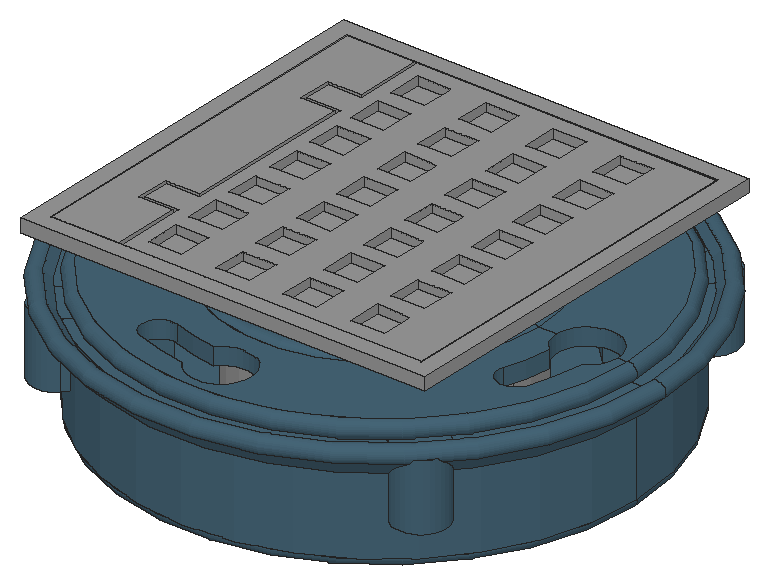
Revit family "Drain_Floor_Round-Zurn-Z415SH", category Plumbing Fixtures, Revit 2022
Family settings
  Round Connector Dimension = Use Radius
  Part Type = Normal
  OmniClass Number = 23.70.50.21.24.14
  OmniClass Title = Deck Waste Water Drains
  Work Plane-Based = No
  Always vertical = Yes
  Cut with Voids When Loaded = No
  Maintain Annotation Orientation = No
  Shared = No
  Room Calculation Point = No
Parameters (values of type "Load Family Type Catalog")
  z_radius_B [instance] = 3.500"
  z_Radius Gird [instance] = 3.20079"
  z_Distance = 2.440"
  Waste Connection = 1 = 1  # yes
  WFU = 0  # constant formula
  Vent Connection = 1 = 0  # no
  URL = "www.zurn.com"
  Type Comments = "ZN415SH 2 Inch IP Threaded Outlet"
  Strainer Top Size 8"x8" Sq. = no
  Strainer Top Size 6"x6" Sq. = yes
  Strainer Position (K') - Input [instance] = 0.000"
  Strainer Position (K') [instance] = if([Strainer Position (K') - Input] < Min. Strainer Position, Min. Strainer Position, if([Strainer Position (K') - Input] > Max. Strainer Position, Max. Strainer Position, [Strainer Position (K') - Input]))  # 1.000"
  Strainer Open Area = if([Strainer (BxB)] = 6.000", 12.000 in², if([Strainer (BxB)] = 8.000", 21.000 in², if(and([Strainer (BxB)] = 8.000", [Pipe Size 'A' (Nominal Diameter)] < 5.000"), 21.000 in², if(and([Strainer (BxB)] = 8.000", [Pipe Size 'A' (Nominal Diameter)] > 5.000"), 21.000 in², 21.000 in²))))  # 12.000 in²
  Strainer Material = Bronze - Zurn - Polished Nickel
  Strainer (BxB) = 6.000"
  Product data url = "https://www.bimobject.com/en-us/zurnindustries/product/zurn-z415sh"
  Product Page URL = "https://www.zurn.com/products/drainage-interceptors/floor-drains/finish-floor-drains/z415sh"
  Product Installation Sheet URL = "https://files.zurn.com/care-cleaning-install-warranty-sheets/fd15-(1).pdf"
  Product Documentation Link = "https://files.zurn.com/spec-sheets/z415sh.pdf"
  Pipe Size 'A' (Outer Radius) = [Pipe Size 'A' (Outer Diameter)] / 2  # 1.1875"
  Pipe Size 'A' (Outer Diameter) = 2.375"
  Pipe Size 'A' (Nominal Radius) = [Pipe Size 'A' (Nominal Diameter)] / 2  # 1.000"
  Pipe Size 'A' (Nominal Diameter) = 2.000"
  Pipe Size 'A' (Inner Radius) = [Pipe Size 'A' (Inner Diameter)] / 2  # 1.0335"
  Pipe Size 'A' (Inner Diameter) = 2.067"
  Modified Date = "11/21/2025"  # constant formula
  Model = "ZN415SH"
  Min. Strainer Position [instance] = if([Strainer (BxB)] = 6.000", 1.000", if([Strainer (BxB)] = 8.000", 1.150", if(and([Strainer (BxB)] = 8.000", [Pipe Size 'A' (Nominal Diameter)] < 5.000"), 1.000", if(and([Strainer (BxB)] = 8.000", [Pipe Size 'A' (Nominal Diameter)] > 5.000"), 1.150", 1.000"))))  # 1.000"
  Max. Strainer Position [instance] = if([Strainer (BxB)] = 6.000", 2.675", if([Strainer (BxB)] = 8.000", 2.750", if(and([Strainer (BxB)] = 8.000", [Pipe Size 'A' (Nominal Diameter)] < 5.000"), 2.675", if(and([Strainer (BxB)] = 8.000", [Pipe Size 'A' (Nominal Diameter)] > 5.000"), 2.750", 2.750"))))  # 2.675"
  Material Main = Iron - Zurn - Cast - Painted - Blue
  Manufacurer Brand = "Zurn"  # constant formula
  Manufacturer = "Zurn Water, LLC"  # constant formula
  HWFU = 0  # constant formula
  HW Connection = 1 = 0  # no
  Description = "BODY ASSEMBLY W/ “TYPE SH” STRAINER"  # constant formula
  Default Elevation = 30.000"
  Date Created = "06/25/2012"  # constant formula
  CWFU = 0  # constant formula
  CW Connection = 1 = 0  # no
  Body Height (E) = 2.375"
  Assembly Code = "D2030300"
  Approx. Wt. Lbs. = if([Strainer (BxB)] = 6.000", 13.00 lbf, if([Strainer (BxB)] = 8.000", 17.00 lbf, if(and([Strainer (BxB)] = 8.000", [Pipe Size 'A' (Nominal Diameter)] < 5.000"), 17.00 lbf, if(and([Strainer (BxB)] = 8.000", [Pipe Size 'A' (Nominal Diameter)] > 5.000"), 19.00 lbf, 19.00 lbf))))  # 13.00 lbf
Reference planes (in)
  plane 1 "Center (Front/Back)": y = 0
  plane 2: z = 0
  plane 3 "Center (Left/Right)": x = 0
  plane 4: z = -1
  plane 5: z = -3.375
  plane 6: z = -2.12583
  plane 7: z = -1.4877
  plane 8: x = -1
  plane 9: x = 1
  plane 10: z = -2.8125
  plane 11: x = 2.69
  plane 12: z = -1.14827
  plane 13: z = -2.68136
  plane 14: z = -2.63
  plane 15: z = -0.5
  plane 16: x = 2
  plane 17: x = -2
  plane 18: x = 1
  plane 19: x = -1
  plane 20: y = 1
  plane 21: y = -1
  plane 22: x = 3
  plane 23: x = -3
  plane 24: y = -3
  plane 25: y = 3
  plane 26: z = -0.125
  plane 27: through (0, 0, 47.24409) normal (-0.7071, 0.7071, 0)
  plane 28: through (-0.26517, 0.26517, 47.24409) normal (-0.7071, 0.7071, 0)
  plane 29: through (0.26517, -0.26517, 47.24409) normal (-0.7071, 0.7071, 0)
  plane 30: through (0, 0, 47.24409) normal (0.7071, 0.7071, 0)
  plane 31: through (2.33063, 3.06176, 47.24409) normal (0.7071, 0.7071, 0)
  plane 32: through (-2.33063, 3.06176, 47.24409) normal (0.7071, -0.7071, 0)
  plane 33: through (2.33063, -3.06176, 47.24409) normal (-0.7071, 0.7071, 0)
  plane 34: through (-2.33063, -3.06176, 47.24409) normal (-0.7071, -0.7071, 0)
  plane 35: through (-2.33063, 3.06176, 47.24409) normal (0.7071, -0.7071, 0)
  plane 36: through (0.26517, 0.26517, 47.24409) normal (0.7071, 0.7071, 0)
  plane 37: through (-0.26517, -0.26517, 47.24409) normal (0.7071, 0.7071, 0)
Forms (in)
  Revolve 1, solid, material "Iron - Zurn - Cast - Painted - Blue" <- "Material Main", visible <- "Waste Connection", detail levels fine
    sketch origin (0, 0, 0) x (1, 0, 0) y (0, 0, 1)
      loop
        arc (-3.75, -2.6875) -> (-3.71339, -2.77589) -> (-3.625, -2.8125) r 0.125
        line (-3.625, -2.8125) -> (-1.3125, -2.8125)
        arc (-1.3125, -2.8125) -> (-1.22411, -2.84911) -> (-1.1875, -2.9375) r 0.125
        line (-1.1875, -2.9375) -> (-1.1875, -3.375) -> (-1.0335, -3.375) -> (-1.0335, -2.6875)
        arc (-1.0335, -2.6875) -> (-1.07011, -2.59911) -> (-1.1585, -2.5625) r 0.125
        line (-1.1585, -2.5625) -> (-3.425, -2.5625)
        arc (-3.425, -2.5625) -> (-3.51339, -2.52589) -> (-3.55, -2.4375) r 0.125
        line (-3.55, -2.4375) -> (-3.55, -1.14827) -> (-3.84822, -1.14827) -> (-3.96161, -1.03488)
        arc (-3.96161, -1.03488) -> (-4.13839, -1.03488) -> (-4.13839, -1.21165) r 0.125
        line (-4.13839, -1.21165) -> (-3.86235, -1.4877) -> (-3.75, -1.4877) -> (-3.75, -2.6875)
      axis (0, -1.03488) -> (0, -3.375)
    angle from 0 to 360
  Revolve 2, solid, material "Iron - Zurn - Cast - Painted - Blue" <- "Material Main", visible <- "Waste Connection", detail levels fine
    sketch origin (0, 0, 0) x (1, 0, 0) y (0, 0, 1)
      loop
        line (-3.62457, -1.14827) -> (-2.19378, -1.14827)
        arc (-2.19378, -1.14827) -> (-2.10268, -1.11177) -> (-2.06197, -1.02246) r 0.13195
        line (-2.06197, -1.02246) -> (-2.06197, -0.87327) -> (-1.91548, -0.87327) -> (-1.91548, -0.67327) -> (-2.13293, -0.67327)
        arc (-2.13293, -0.67327) -> (-2.15503, -0.68242) -> (-2.16418, -0.70452) r 0.03125
        line (-2.16418, -0.70452) -> (-2.16418, -0.77327)
        arc (-2.16418, -0.77327) -> (-2.20079, -0.86165) -> (-2.28918, -0.89827) r 0.125
        line (-2.28918, -0.89827) -> (-3.60452, -0.89827)
        arc (-3.60452, -0.89827) -> (-3.74997, -1.0124) -> (-3.62457, -1.14827) r 0.1258
      axis (0, -0.67327) -> (0, -1.14827)
    angle from 0 to 360
  Revolve 3, solid, material "Bronze - Zurn - Polished Nickel" <- "Strainer Material", detail levels fine
    sketch origin (0, 0, 0) x (1, 0, 0) y (0, 0, 1)
      loop
        line (-3, -0.1875) -> (-2.41335, -0.1875) -> (-1.91548, -0.3784) -> (-1.91548, -2.63) -> (-1.70819, -2.63) -> (-1.70819, -0.25913) -> (-2.41335, 0) -> (-3, 0) -> (-3, -0.1875)
      axis (0, 0) -> (0, -2.63)
    angle from 0 to 360
  Extrusion 4, void
    sketch origin (0, 0, 1.938) x (-1, 0, 0) y (0, 1, 0)
      loop
        arc (3.25354, 0.3962) -> (3.18071, 0.7898) -> (3.06377, 1.17263) r 3.52922
        arc (3.06377, 1.17263) -> (2.74662, 1.32954) -> (2.57269, 1.02139) r 0.2573
        arc (2.57269, 1.02139) -> (2.67505, 0.69321) -> (2.72804, 0.35354) r 2.33202
        arc (2.72804, 0.35354) -> (3.05699, -0.44064) -> (3.25354, 0.3962) r 0.45157
    from 0.80592 to 3.08627
  Extrusion 5, void
    sketch origin (0, 0, 0) x (0, 1, 0) y (1, 0, 0)
      loop
        arc (3.25354, 0.3962) -> (3.18071, 0.7898) -> (3.06377, 1.17263) r 3.52922
        arc (3.06377, 1.17263) -> (2.74662, 1.32954) -> (2.57269, 1.02139) r 0.2573
        arc (2.57269, 1.02139) -> (2.67505, 0.69321) -> (2.72804, 0.35354) r 2.33202
        arc (2.72804, 0.35354) -> (3.05699, -0.44064) -> (3.25354, 0.3962) r 0.45157
    from 0.80592 to 3.08627
  Extrusion 6, void
    sketch origin (0, 0, 0) x (1, 0, 0) y (0, -1, 0)
      loop
        arc (3.25354, 0.3962) -> (3.18071, 0.7898) -> (3.06377, 1.17263) r 3.52922
        arc (3.06377, 1.17263) -> (2.74662, 1.32954) -> (2.57269, 1.02139) r 0.2573
        arc (2.57269, 1.02139) -> (2.67505, 0.69321) -> (2.72804, 0.35354) r 2.33202
        arc (2.72804, 0.35354) -> (3.05699, -0.44064) -> (3.25354, 0.3962) r 0.45157
    from 0.80592 to 3.08627
  Extrusion 7, void
    sketch origin (0, 0, 0) x (0, -1, 0) y (-1, 0, 0)
      loop
        arc (3.25354, 0.3962) -> (3.18071, 0.7898) -> (3.06377, 1.17263) r 3.52922
        arc (3.06377, 1.17263) -> (2.74662, 1.32954) -> (2.57269, 1.02139) r 0.2573
        arc (2.57269, 1.02139) -> (2.67505, 0.69321) -> (2.72804, 0.35354) r 2.33202
        arc (2.72804, 0.35354) -> (3.05699, -0.44064) -> (3.25354, 0.3962) r 0.45157
    from 0.80592 to 3.08627
  Extrusion 8, solid, material "Bronze - Zurn - Polished Nickel" <- "Strainer Material", detail levels fine
    sketch origin (0, 0, 0) x (1, 0, 0) y (0, 1, 0)
      loop
        line (-3, 3) -> (-3, -3) -> (3, -3) -> (3, 3) -> (-3, 3)
    from 0 to -0.1875
  Extrusion 9, void
    sketch origin (0, 0, 0) x (0, 1, 0) y (1, 0, 0)
      loop
        line (2.75, -2.75) -> (2.75, 2.75) -> (-2.75, 2.75) -> (-2.75, -2.75) -> (2.75, -2.75)
    from 0 to 0.125
  Extrusion 10, solid, material "Iron - Zurn - Cast - Painted - Blue" <- "Material Main", detail levels fine
    sketch origin (0, 0, 0) x (1, 0, 0) y (0, 1, 0)
      loop
        line (2.43103, 2.96136) -> (1.5026, 2.03293) -> (2.03293, 1.5026) -> (2.96136, 2.43103)
        arc (2.96136, 2.43103) -> (2.96136, 2.96136) -> (2.43103, 2.96136) r 0.375
      loop
        arc (-2.43103, 2.96136) -> (-2.96136, 2.96136) -> (-2.96136, 2.43103) r 0.375
        line (-2.96136, 2.43103) -> (-2.03293, 1.5026) -> (-1.5026, 2.03293) -> (-2.43103, 2.96136)
      loop
        arc (2.43103, -2.96136) -> (2.96136, -2.96136) -> (2.96136, -2.43103) r 0.375
        line (2.96136, -2.43103) -> (2.03293, -1.5026) -> (1.5026, -2.03293) -> (2.43103, -2.96136)
      loop
        line (-2.43103, -2.96136) -> (-1.5026, -2.03293) -> (-2.03293, -1.5026) -> (-2.96136, -2.43103)
        arc (-2.96136, -2.43103) -> (-2.96136, -2.96136) -> (-2.43103, -2.96136) r 0.375
    from -1.14827 to -2.12583
Cuts and joins
  Extrusion 4, Extrusion 5, Extrusion 6, Extrusion 7, Extrusion 9 cuts Revolve 2
  Extrusion 4, Extrusion 9 cuts Revolve 1
  Extrusion 9 cuts Revolve 3
  Extrusion 9 cuts Extrusion 8
  joined: Revolve 3, Extrusion 8
Lines and regions (in)
  Masking region 1, detail levels fine
    outline origin (0, 0, 0) x (1, 0, 0) y (0, 1, 0)
      loop
        line (-3, 3) -> (-3, -3) -> (3, -3) -> (3, 3) -> (-3, 3)
  model lines, style "PlumbingFixtures", visible <- "Waste Connection", detail levels coarse+medium
    curve 1: line (0, 0, 0) -> (0, 0, -3.375)
  model lines, detail levels coarse+medium
    curve 2: line (-1, 0, -3.375) -> (1, 0, -3.375)
    curve 3: line (0, 1, -3.375) -> (0, -1, -3.375)
  model lines, style "GenericModel", detail levels coarse+medium
    curve 4: line (-3, 3, 0) -> (3, 3, 0)
    curve 5: line (-3, -3, 0) -> (-3, 3, 0)
    curve 6: line (3, -3, 0) -> (-3, -3, 0)
    curve 7: line (3, 3, 0) -> (3, -3, 0)
    curve 8: line (-2.75, 2.75, 0) -> (2.75, 2.75, 0)
    curve 9: line (-2.75, -2.75, 0) -> (-2.75, 2.75, 0)
    curve 10: line (2.75, -2.75, 0) -> (-2.75, -2.75, 0)
    curve 11: line (2.75, 2.75, 0) -> (2.75, -2.75, 0)
    curve 12: line (-1.96429, 2.75, 0) -> (-1.96429, -2.75, 0)
    curve 13: line (-1.17857, 2.75, 0) -> (-1.17857, -2.75, 0)
    curve 14: line (-0.39286, 2.75, 0) -> (-0.39286, -2.75, 0)
    curve 15: line (0.39286, 2.75, 0) -> (0.39286, -2.75, 0)
    curve 16: line (1.17857, 2.75, 0) -> (1.17857, -2.75, 0)
    curve 17: line (1.96429, 2.75, 0) -> (1.96429, -2.75, 0)
    curve 18: line (-2.75, 1.96429, 0) -> (2.75, 1.96429, 0)
    curve 19: line (-2.75, 1.17857, 0) -> (2.75, 1.17857, 0)
    curve 20: line (-2.75, 0.39286, 0) -> (2.75, 0.39286, 0)
    curve 21: line (-2.75, -0.39286, 0) -> (2.75, -0.39286, 0)
    curve 22: line (-2.75, -1.17857, 0) -> (2.75, -1.17857, 0)
    curve 23: line (-2.75, -1.96429, 0) -> (2.75, -1.96429, 0)
Dimensions and locks (in)
  "Body Height (E)": plane 4 to plane 5
  "Strainer Position (K')": level to plane 4
  locked: plane 4 to plane 6 at 1.12583
  locked: plane 4 to plane 7 at 0.4877
  locked: Revolve 1 sketch curve to plane 10 at 0.25
  locked: plane 4 to plane 12 at 0.14827
  locked: plane 13 to plane 10 at 0.13114
  locked: level to plane 14 at 2.63
  locked: Revolve 3 sketch curve to Revolve 3 sketch curve at 0.1875
  locked: Revolve 3 sketch curve to Revolve 3 sketch curve at 0.20729
  level to plane 15 = 0.500"
  equal spacing: plane 16, plane 3 "Center (Left/Right)", plane 17
  locked: plane 16 to plane 17 at 4
  "Pipe Size 'A' (Inner Radius)": plane 3 "Center (Left/Right)" to Revolve 1 sketch curve
  "Pipe Size 'A' (Outer Radius)": plane 3 "Center (Left/Right)" to Revolve 1 sketch curve
  "Pipe Size 'A' (Nominal Radius)": plane 21 to plane 1 "Center (Front/Back)" to plane 20
  "Pipe Size 'A' (Nominal Radius)": plane 19 to plane 3 "Center (Left/Right)" to plane 18
  Revolve 2 sketch curve to Revolve 2 sketch curve = 0.24871"
  locked: Revolve 2 sketch curve to Revolve 2 sketch curve at 0.475
  locked: Revolve 2 sketch curve to Revolve 2 sketch curve at 0.2
  Revolve 2 sketch curve to plane 4 to Revolve 2 sketch curve = 0.10173" locked, 0.14827" locked
  locked: Revolve 2 sketch curve to Revolve 2 sketch curve at 0.03125
  locked: plane 3 "Center (Left/Right)" to Revolve 2 sketch curve at 3.62457
  locked: plane 3 "Center (Left/Right)" to Revolve 1 sketch curve at 3.55
  equal spacing: plane 23, plane 3 "Center (Left/Right)", plane 22
  "Strainer (BxB)": plane 23 to plane 22
  equal spacing: plane 24, plane 1 "Center (Front/Back)", plane 25
  "Strainer (BxB)": plane 24 to plane 25
  locked: Revolve 1 sketch curve to Revolve 1 sketch curve at 0.2
  locked: Revolve 1 sketch curve to Revolve 1 sketch curve at 0.025
  Revolve 1 sketch curve to Revolve 1 sketch curve = 0.500"
  locked: plane 4 to plane 10 at 1.8125
  locked: Extrusion 9 sketch curve to plane 25 at 0.25
  locked: Extrusion 9 sketch curve to plane 22 at 0.25
  locked: plane 23 to Extrusion 9 sketch curve at 0.25
  locked: plane 24 to Extrusion 9 sketch curve at 0.25
  locked: level to plane 26 at 0.125
  locked: curve 8 to plane 25 at 0.25
  locked: plane 23 to curve 9 at 0.25
  locked: curve 11 to plane 22 at 0.25
  locked: plane 24 to curve 10 at 0.25
  equal spacing: curve 9, curve 12, curve 13, curve 14, curve 15, curve 16, curve 17, curve 11, locked at 0.78571 each
  equal spacing: curve 10, curve 23, curve 22, curve 21, curve 20, curve 19, curve 18, curve 8, locked at 0.78571 each
  locked: plane 30 to plane 31 at 3.813
  locked: plane 32 to plane 27 at 3.813
  locked: plane 34 to plane 30 at 3.813
  locked: plane 27 to plane 33 at 3.813
  locked: plane 30 to Extrusion 10 sketch curve at 2.5
  equal spacing: plane 28, plane 27, plane 29
  locked: plane 28 to plane 29 at 0.75
  equal spacing: plane 36, plane 30, plane 37
  locked: plane 36 to plane 37 at 0.75
  equal spacing: Extrusion 10 sketch curve, plane 3 "Center (Left/Right)", Extrusion 10 sketch curve
  locked: Extrusion 10 sketch curve to Extrusion 10 sketch curve at 5.3924  (x2)
  locked: Extrusion 10 sketch curve to plane 27 at 2.5
  Extrusion 10 sketch curve to Extrusion 10 sketch curve = 5.3924"
  locked: Extrusion 10 sketch curve to plane 30 at 2.5
  locked: plane 27 to Extrusion 10 sketch curve at 2.5
  radius of Revolve 1 sketch curve = 0.125"  (x4)
  radius of Extrusion 4 sketch curve = 0.45157"
  radius of Extrusion 5 sketch curve = 0.45157"
  radius of Extrusion 6 sketch curve = 0.45157"
  radius of Extrusion 7 sketch curve = 0.45157"
  radius of Extrusion 10 sketch curve = 0.375"  (x4)
  locked: Revolve 1 sketch curve to Revolve 1 sketch curve (angle 45.00°)
  locked: plane 1 "Center (Front/Back)" to plane 27 (angle 45.00°)
  aligned and locked: level to plane 2
  aligned and locked: plane 10 to Revolve 1 sketch curve
  aligned and locked: Revolve 2 sketch curve to plane 3 "Center (Left/Right)"
  aligned and locked: Revolve 3 sketch curve to plane 3 "Center (Left/Right)"
  aligned and locked: Revolve 3 sketch curve to plane 14
  aligned and locked: Revolve 1 sketch curve to plane 5
  aligned and locked: plane 5 to curve 1
  aligned and locked: plane 3 "Center (Left/Right)" to curve 1
  aligned and locked: plane 19 to curve 2
  aligned and locked: plane 18 to curve 2
  aligned and locked: plane 1 "Center (Front/Back)" to curve 2
  aligned and locked: plane 20 to curve 3
  aligned and locked: plane 21 to curve 3
  aligned and locked: curve 3 to plane 3 "Center (Left/Right)"
  aligned and locked: Extrusion 4 to plane 12
  aligned and locked: Revolve 1 sketch curve to plane 3 "Center (Left/Right)"
  aligned and locked: Revolve 3 to curve 1
  aligned and locked: plane 25 to Extrusion 8 sketch curve
  aligned and locked: plane 23 to Extrusion 8 sketch curve
  aligned and locked: Extrusion 8 sketch curve to plane 22
  aligned and locked: Extrusion 8 sketch curve to plane 24
  aligned and locked: Extrusion 8 to Revolve 3
  aligned and locked: level to Extrusion 8
  aligned and locked: Revolve 1 sketch curve to plane 12
  aligned and locked: Revolve 3 sketch curve to plane 23
  aligned and locked: Extrusion 9 to level
  aligned and locked: Extrusion 9 to plane 26
  aligned and locked: plane 1 "Center (Front/Back)" to nested 1
  aligned and locked: level to nested 1
  aligned and locked: plane 1 "Center (Front/Back)" to nested 2
  aligned and locked: plane 3 "Center (Left/Right)" to nested 2
  aligned and locked: level to nested 2
  aligned and locked: plane 25 to curve 4
  aligned and locked: curve 7 to plane 22
  aligned and locked: plane 23 to curve 5
  aligned and locked: curve 6 to plane 24
  aligned and locked: plane 25 to Masking region 1 sketch curve
  aligned and locked: Masking region 1 sketch curve to plane 22
  aligned and locked: Masking region 1 sketch curve to plane 24
  aligned and locked: plane 23 to Masking region 1 sketch curve
  aligned and locked: plane 28 to Extrusion 10 sketch curve  (x2)
  aligned and locked: Extrusion 10 sketch curve to plane 29  (x2)
  aligned and locked: plane 6 to Extrusion 10
  aligned and locked: plane 12 to Extrusion 10
  aligned and locked: Extrusion 10 sketch curve to plane 36  (x2)
  aligned and locked: plane 37 to Extrusion 10 sketch curve  (x2)
Automatic sketch dimensions
  Extrusion 4 sketch curve to Extrusion 4 sketch curve = 0.1981"
  Extrusion 4 sketch curve to Extrusion 4 sketch curve = 0.24966"
  Extrusion 4 sketch curve to Extrusion 4 sketch curve = 0.000"
  Extrusion 4 sketch curve to Extrusion 4 sketch curve = 0.65126"
  Extrusion 4 sketch curve to Extrusion 4 sketch curve = 0.91878"
  Extrusion 4 sketch curve to Extrusion 4 sketch curve = 1.07419"
  Extrusion 4 sketch curve to Extrusion 4 sketch curve = 0.21296"
  Extrusion 4 sketch curve to Extrusion 4 sketch curve = 0.29241"
  Extrusion 4 sketch curve to Extrusion 4 sketch curve = 0.24142"
  Extrusion 5 sketch curve to Extrusion 5 sketch curve = 0.1981"
  Extrusion 5 sketch curve to Extrusion 5 sketch curve = 0.24966"
  Extrusion 5 sketch curve to Extrusion 5 sketch curve = 0.000"
  Extrusion 5 sketch curve to Extrusion 5 sketch curve = 0.65126"
  Extrusion 5 sketch curve to Extrusion 5 sketch curve = 0.91878"
  Extrusion 5 sketch curve to Extrusion 5 sketch curve = 1.07419"
  Extrusion 5 sketch curve to Extrusion 5 sketch curve = 0.21296"
  Extrusion 5 sketch curve to Extrusion 5 sketch curve = 0.29241"
  Extrusion 5 sketch curve to Extrusion 5 sketch curve = 0.24142"
  Extrusion 6 sketch curve to Extrusion 6 sketch curve = 0.1981"
  Extrusion 6 sketch curve to Extrusion 6 sketch curve = 0.24966"
  Extrusion 6 sketch curve to Extrusion 6 sketch curve = 0.000"
  Extrusion 6 sketch curve to Extrusion 6 sketch curve = 0.65126"
  Extrusion 6 sketch curve to Extrusion 6 sketch curve = 0.91878"
  Extrusion 6 sketch curve to Extrusion 6 sketch curve = 1.07419"
  Extrusion 6 sketch curve to Extrusion 6 sketch curve = 0.21296"
  Extrusion 6 sketch curve to Extrusion 6 sketch curve = 0.29241"
  Extrusion 6 sketch curve to Extrusion 6 sketch curve = 0.24142"
  Extrusion 7 sketch curve to Extrusion 7 sketch curve = 0.1981"
  Extrusion 7 sketch curve to Extrusion 7 sketch curve = 0.24966"
  Extrusion 7 sketch curve to Extrusion 7 sketch curve = 0.000"
  Extrusion 7 sketch curve to Extrusion 7 sketch curve = 0.65126"
  Extrusion 7 sketch curve to Extrusion 7 sketch curve = 0.91878"
  Extrusion 7 sketch curve to Extrusion 7 sketch curve = 1.07419"
  Extrusion 7 sketch curve to Extrusion 7 sketch curve = 0.21296"
  Extrusion 7 sketch curve to Extrusion 7 sketch curve = 0.29241"
  Extrusion 7 sketch curve to Extrusion 7 sketch curve = 0.24142"
  Revolve 2 sketch curve to Revolve 2 sketch curve = 0.02005"
  Revolve 2 sketch curve to plane 17 = 0.28918"
  Revolve 2 sketch curve to plane 4 = 0.01631"
  Revolve 2 sketch curve to Revolve 2 sketch curve = 0.0954"
  Revolve 2 sketch curve to Revolve 2 sketch curve = 0.125"
  Revolve 2 sketch curve to Revolve 2 sketch curve = 0.10221"
  plane 5 to Revolve 2 sketch curve = 0.00083"
  level to Revolve 2 sketch curve = 0.620"
  Revolve 3 sketch curve to level = 0.000"
  Revolve 3 sketch curve to plane 17 = 0.41335"
  Revolve 3 sketch curve to Revolve 3 sketch curve = 0.000"
  plane 17 to Revolve 3 sketch curve = 0.08452"
  plane 15 to Revolve 3 sketch curve = 0.1216"
  Revolve 3 sketch curve to plane 26 = 0.13413"
  plane 15 to Revolve 3 sketch curve = 0.0734"
  level to Revolve 3 sketch curve = 4.6284"
  plane 34 to Extrusion 10 sketch curve = 0.000"
  Revolve 1 sketch curve to plane 7 = 0.000"
  Revolve 1 sketch curve to plane 4 = 0.03488"
  plane 13 to Revolve 1 sketch curve = 0.00614"
  Revolve 1 sketch curve to plane 5 = 8.84821"
  level to Revolve 1 sketch curve = 87.17776"
Nested families (in)
  nested 1: "Z415SH_Grate " at (0, 0, 0), visible <- "Strainer Top Size 6"x6" Sq.", Strainer Material <- "Strainer Material", type "Z415SH-2IP-6B", detail levels fine
    with Strainer Material Bronze - Zurn - Polished Nickel
  nested 2: "Z415SH_Grate 8 Inch " at (0, 0, 0), visible <- "Strainer Top Size 8"x8" Sq.", Strainer Material <- "Strainer Material", type "8 inch grate", detail levels fine
    with Strainer Material Bronze - Zurn - Polished Nickel
Connectors (in)
  piping at (0, 0, -3.375), diameter 2, driven by "Pipe Size 'A' (Nominal Radius)", driven by "Waste Connection", driven by "Waste Connection"
    settings: on cut or joined group of Revolve 1, Extrusion 4, Extrusion 9, index 1, connector inside diameter 24", connector length 0.000", flow factor 0, pipe flow 0.0 L/s, pressure drop 0.0 Pa, fitting loss kfactor 0, connector angle 0.00°, fixture units 0, engagement length 0.000", angle of deflection 0.00°, flow configuration 0, flow direction 2, fitting loss method 0, system type 16, joint type 0, gender type 0, connector reference index -1, connector utility 1, adjustable connector yes, is connector primary yes, connector description "Sanitary Outlet"
Definition of nested family "Z415SH_Grate "
  Parameters (values of type "Z415SH-2IP-6B")
    Waste Connection = 1 = 1  # yes
    WFU = 0  # constant formula
    Vent Connection = 1 = 0  # no
    URL = "www.zurn.com"
    Type Comments = "ZN415SH 2 Inch IP Threaded Outlet"
    Strainer Material [instance] = none
    Strainer Diameter (B) = 6.000"
    Product data url = "https://www.bimobject.com/en-us/zurnindustries/product/zurn-z415sh"
    Product Page URL = "https://www.zurn.com/products/drainage-interceptors/floor-drains/finish-floor-drains/z415sh"
    Product Installation Sheet URL = "https://files.zurn.com/care-cleaning-install-warranty-sheets/fd15-(1).pdf"
    Product Documentation Link = "https://files.zurn.com/spec-sheets/z415sh.pdf"
    Modified Date = "11/21/2025"  # constant formula
    Model = "ZN415SH"
    Manufacurer Brand = "Zurn"  # constant formula
    Manufacturer = "Zurn Water, LLC"  # constant formula
    HWFU = 0  # constant formula
    HW Connection = 1 = 0  # no
    Description = "BODY ASSEMBLY W/ “TYPE SH” STRAINER"  # constant formula
    Default Elevation = 0.000"
    Date Created = "06/25/2012"  # constant formula
    CWFU = 0  # constant formula
    CW Connection = 1 = 0  # no
    Assembly Code = "D2030300"
  Reference planes (in)
    plane 1 "Center (Front/Back)": y = 0
    plane 2: z = 0
    plane 3 "Center (Left/Right)": x = 0
    plane 4: z = -2
    plane 5: z = -4.375
    plane 6: z = -3.12583
    plane 7: z = -2.4877
    plane 8: x = -1
    plane 9: x = 1
    plane 10: z = -3.8125
    plane 11: x = 2.69
    plane 12: z = -2.14827
    plane 13: z = -3.68136
    plane 14: z = -2.63
    plane 15: x = 2
    plane 16: x = -2
    plane 17: x = 1
    plane 18: x = -1
    plane 19: y = 1
    plane 20: y = -1
    plane 21: x = 3
    plane 22: x = -3
    plane 23: y = -3
    plane 24: y = 3
    plane 25: z = -0.125
  Forms (in)
    Extrusion 1, solid, material <- "Strainer Material"
      sketch origin (0, 0, 0) x (1, 0, 0) y (0, 1, 0)
        loop
          line (-2.74, 2.74) -> (-2.74, -2.74) -> (2.74, -2.74) -> (2.74, 2.74) -> (-2.74, 2.74)
      from 0 to -0.125
    Extrusion 2, void
      sketch origin (0, 0, 0) x (0, 1, 0) y (1, 0, 0)
        loop
          line (3, -1.74) -> (3, -1.69) -> (1.7, -1.69) -> (1.7, -2.19028) -> (1.3, -2.19028) -> (1.3, -1.69) -> (-1.3, -1.69) -> (-1.3, -2.19028) -> (-1.7, -2.19028) -> (-1.7, -1.69) -> (-3, -1.69) -> (-3, -1.74) -> (-1.75, -1.74) -> (-1.75, -2.24028) -> (-1.25, -2.24028) -> (-1.25, -1.74) -> (1.25, -1.74) -> (1.25, -2.24028) -> (1.75, -2.24028) -> (1.75, -1.74) -> (3, -1.74)
      from 0 to 0.125
    Extrusion 3, void
      sketch origin (1, 0, 0) x (0, 1, 0) y (1, 0, 0)
        loop
          line (2.5, -2.5) -> (2.5, -2) -> (2, -2) -> (2, -2.5) -> (2.5, -2.5)
      from 0 to 0.125
    Extrusion 4, void
      sketch origin (2, 0, 0) x (0, 1, 0) y (1, 0, 0)
        loop
          line (2.5, -2.5) -> (2.5, -2) -> (2, -2) -> (2, -2.5) -> (2.5, -2.5)
      from 0 to 0.125
    Extrusion 5, void
      sketch origin (3, 0, 0) x (0, 1, 0) y (1, 0, 0)
        loop
          line (2.5, -2.5) -> (2.5, -2) -> (2, -2) -> (2, -2.5) -> (2.5, -2.5)
      from 0 to 0.125
    Extrusion 6, void
      sketch origin (4, 0, 0) x (0, 1, 0) y (1, 0, 0)
        loop
          line (2.5, -2.5) -> (2.5, -2) -> (2, -2) -> (2, -2.5) -> (2.5, -2.5)
      from 0 to 0.125
    Extrusion 7, void
      sketch origin (1, -0.75, 0) x (0, 1, 0) y (1, 0, 0)
        loop
          line (2.5, -2.5) -> (2.5, -2) -> (2, -2) -> (2, -2.5) -> (2.5, -2.5)
      from 0 to 0.125
    Extrusion 8, void
      sketch origin (1, -1.5, 0) x (0, 1, 0) y (1, 0, 0)
        loop
          line (2.5, -2.5) -> (2.5, -2) -> (2, -2) -> (2, -2.5) -> (2.5, -2.5)
      from 0 to 0.125
    Extrusion 9, void
      sketch origin (1, -2.25, 0) x (0, 1, 0) y (1, 0, 0)
        loop
          line (2.5, -2.5) -> (2.5, -2) -> (2, -2) -> (2, -2.5) -> (2.5, -2.5)
      from 0 to 0.125
    Extrusion 10, void
      sketch origin (1, -3, 0) x (0, 1, 0) y (1, 0, 0)
        loop
          line (2.5, -2.5) -> (2.5, -2) -> (2, -2) -> (2, -2.5) -> (2.5, -2.5)
      from 0 to 0.125
    Extrusion 11, void
      sketch origin (1, -3.75, 0) x (0, 1, 0) y (1, 0, 0)
        loop
          line (2.5, -2.5) -> (2.5, -2) -> (2, -2) -> (2, -2.5) -> (2.5, -2.5)
      from 0 to 0.125
    Extrusion 12, void
      sketch origin (1, -4.5, 0) x (0, 1, 0) y (1, 0, 0)
        loop
          line (2.5, -2.5) -> (2.5, -2) -> (2, -2) -> (2, -2.5) -> (2.5, -2.5)
      from 0 to 0.125
    Extrusion 13, void, not visible
      sketch origin (0, 0, 0) x (0, 1, 0) y (1, 0, 0)
        loop
          line (2.5, -2.5) -> (2.5, -2) -> (2, -2) -> (2, -2.5) -> (2.5, -2.5)
      from 0 to 0.125
    Extrusion 14, void
      sketch origin (2, -0.75, 0) x (0, 1, 0) y (1, 0, 0)
        loop
          line (2.5, -2.5) -> (2.5, -2) -> (2, -2) -> (2, -2.5) -> (2.5, -2.5)
      from 0 to 0.125
    Extrusion 15, void
      sketch origin (3, -0.75, 0) x (0, 1, 0) y (1, 0, 0)
        loop
          line (2.5, -2.5) -> (2.5, -2) -> (2, -2) -> (2, -2.5) -> (2.5, -2.5)
      from 0 to 0.125
    Extrusion 16, void
      sketch origin (4, -0.75, 0) x (0, 1, 0) y (1, 0, 0)
        loop
          line (2.5, -2.5) -> (2.5, -2) -> (2, -2) -> (2, -2.5) -> (2.5, -2.5)
      from 0 to 0.125
    Extrusion 17, void
      sketch origin (2, -1.5, 0) x (0, 1, 0) y (1, 0, 0)
        loop
          line (2.5, -2.5) -> (2.5, -2) -> (2, -2) -> (2, -2.5) -> (2.5, -2.5)
      from 0 to 0.125
    Extrusion 18, void
      sketch origin (3, -1.5, 0) x (0, 1, 0) y (1, 0, 0)
        loop
          line (2.5, -2.5) -> (2.5, -2) -> (2, -2) -> (2, -2.5) -> (2.5, -2.5)
      from 0 to 0.125
    Extrusion 19, void
      sketch origin (4, -1.5, 0) x (0, 1, 0) y (1, 0, 0)
        loop
          line (2.5, -2.5) -> (2.5, -2) -> (2, -2) -> (2, -2.5) -> (2.5, -2.5)
      from 0 to 0.125
    Extrusion 20, void
      sketch origin (2, -2.25, 0) x (0, 1, 0) y (1, 0, 0)
        loop
          line (2.5, -2.5) -> (2.5, -2) -> (2, -2) -> (2, -2.5) -> (2.5, -2.5)
      from 0 to 0.125
    Extrusion 21, void
      sketch origin (3, -2.25, 0) x (0, 1, 0) y (1, 0, 0)
        loop
          line (2.5, -2.5) -> (2.5, -2) -> (2, -2) -> (2, -2.5) -> (2.5, -2.5)
      from 0 to 0.125
    Extrusion 22, void
      sketch origin (4, -2.25, 0) x (0, 1, 0) y (1, 0, 0)
        loop
          line (2.5, -2.5) -> (2.5, -2) -> (2, -2) -> (2, -2.5) -> (2.5, -2.5)
      from 0 to 0.125
    Extrusion 23, void
      sketch origin (2, -3, 0) x (0, 1, 0) y (1, 0, 0)
        loop
          line (2.5, -2.5) -> (2.5, -2) -> (2, -2) -> (2, -2.5) -> (2.5, -2.5)
      from 0 to 0.125
    Extrusion 24, void
      sketch origin (3, -3, 0) x (0, 1, 0) y (1, 0, 0)
        loop
          line (2.5, -2.5) -> (2.5, -2) -> (2, -2) -> (2, -2.5) -> (2.5, -2.5)
      from 0 to 0.125
    Extrusion 25, void
      sketch origin (4, -3, 0) x (0, 1, 0) y (1, 0, 0)
        loop
          line (2.5, -2.5) -> (2.5, -2) -> (2, -2) -> (2, -2.5) -> (2.5, -2.5)
      from 0 to 0.125
    Extrusion 26, void
      sketch origin (2, -3.75, 0) x (0, 1, 0) y (1, 0, 0)
        loop
          line (2.5, -2.5) -> (2.5, -2) -> (2, -2) -> (2, -2.5) -> (2.5, -2.5)
      from 0 to 0.125
    Extrusion 27, void
      sketch origin (3, -3.75, 0) x (0, 1, 0) y (1, 0, 0)
        loop
          line (2.5, -2.5) -> (2.5, -2) -> (2, -2) -> (2, -2.5) -> (2.5, -2.5)
      from 0 to 0.125
    Extrusion 28, void
      sketch origin (4, -3.75, 0) x (0, 1, 0) y (1, 0, 0)
        loop
          line (2.5, -2.5) -> (2.5, -2) -> (2, -2) -> (2, -2.5) -> (2.5, -2.5)
      from 0 to 0.125
    Extrusion 29, void
      sketch origin (2, -4.5, 0) x (0, 1, 0) y (1, 0, 0)
        loop
          line (2.5, -2.5) -> (2.5, -2) -> (2, -2) -> (2, -2.5) -> (2.5, -2.5)
      from 0 to 0.125
    Extrusion 30, void
      sketch origin (3, -4.5, 0) x (0, 1, 0) y (1, 0, 0)
        loop
          line (2.5, -2.5) -> (2.5, -2) -> (2, -2) -> (2, -2.5) -> (2.5, -2.5)
      from 0 to 0.125
    Extrusion 31, void
      sketch origin (4, -4.5, 0) x (0, 1, 0) y (1, 0, 0)
        loop
          line (2.5, -2.5) -> (2.5, -2) -> (2, -2) -> (2, -2.5) -> (2.5, -2.5)
      from 0 to 0.125
  Cuts and joins
    Extrusion 2, Extrusion 3, Extrusion 4, Extrusion 5, Extrusion 6, Extrusion 7, Extrusion 8, Extrusion 9, Extrusion 10, Extrusion 11, Extrusion 12, Extrusion 14, Extrusion 15, Extrusion 16, Extrusion 17, Extrusion 18, Extrusion 19, Extrusion 20, Extrusion 21, Extrusion 22, Extrusion 23, Extrusion 24, Extrusion 25, Extrusion 26, Extrusion 27, Extrusion 28, Extrusion 29, Extrusion 30, Extrusion 31 cuts Extrusion 1
  Dimensions and locks (in)
    plane 4 to plane 5 = 2.375"
    level to plane 4 = 2.000"
    locked: plane 4 to plane 6 at 1.12583
    locked: plane 4 to plane 7 at 0.4877
    locked: plane 4 to plane 12 at 0.14827
    locked: plane 13 to plane 10 at 0.13114
    locked: level to plane 14 at 2.63
    equal spacing: plane 15, plane 3 "Center (Left/Right)", plane 16
    locked: plane 15 to plane 16 at 4
    plane 20 to plane 1 "Center (Front/Back)" to plane 19 = 1.000", 1.000"
    plane 18 to plane 3 "Center (Left/Right)" to plane 17 = 1.000", 1.000"
    equal spacing: plane 22, plane 3 "Center (Left/Right)", plane 21
    "Strainer Diameter (B)": plane 22 to plane 21
    equal spacing: plane 23, plane 1 "Center (Front/Back)", plane 24
    "Strainer Diameter (B)": plane 23 to plane 24
    locked: plane 4 to plane 10 at 1.8125
    locked: level to plane 25 at 0.125
    locked: Extrusion 1 sketch curve to plane 21 at 0.26
    locked: plane 22 to Extrusion 1 sketch curve at 0.26
    locked: plane 23 to Extrusion 1 sketch curve at 0.26
    locked: Extrusion 1 sketch curve to plane 24 at 0.26
    locked: Extrusion 1 to Extrusion 2 sketch curve at 1
    Extrusion 2 sketch curve to Extrusion 2 sketch curve = 0.050"
    Extrusion 2 sketch curve to Extrusion 2 sketch curve = 0.500"
    locked: Extrusion 2 sketch curve to plane 24 at 1.25
    locked: Extrusion 2 sketch curve to plane 1 "Center (Front/Back)" at 1.25
    locked: Extrusion 2 sketch curve to Extrusion 2 sketch curve at 0.50028
    locked: Extrusion 3 sketch curve to Extrusion 3 sketch curve at 0.5  (x2)
    locked: Extrusion 4 sketch curve to Extrusion 4 sketch curve at 0.5  (x2)
    locked: Extrusion 5 sketch curve to Extrusion 5 sketch curve at 0.5  (x2)
    locked: Extrusion 6 sketch curve to Extrusion 6 sketch curve at 0.5  (x2)
    locked: Extrusion 7 sketch curve to Extrusion 7 sketch curve at 0.5  (x2)
    equal spacing: group 1, group 5, group 6, group 7, group 8, group 9, group 10  (x2)
    equal spacing: group 10, group 9, group 8, group 7, group 6, group 5, group 1
    locked: Extrusion 8 sketch curve to Extrusion 8 sketch curve at 0.5  (x2)
    locked: Extrusion 9 sketch curve to Extrusion 9 sketch curve at 0.5  (x2)
    locked: Extrusion 10 sketch curve to Extrusion 10 sketch curve at 0.5  (x2)
    locked: Extrusion 11 sketch curve to Extrusion 11 sketch curve at 0.5  (x2)
    locked: Extrusion 12 sketch curve to Extrusion 12 sketch curve at 0.5  (x2)
    locked: Extrusion 13 sketch curve to Extrusion 13 sketch curve at 0.5  (x2)
    locked: Extrusion 14 sketch curve to Extrusion 14 sketch curve at 0.5  (x2)
    locked: Extrusion 15 sketch curve to Extrusion 15 sketch curve at 0.5  (x2)
    locked: Extrusion 16 sketch curve to Extrusion 16 sketch curve at 0.5  (x2)
    equal spacing: group 11, group 16, group 20, group 24, group 28, group 32, group 36  (x2)
    equal spacing: group 36, group 32, group 28, group 24, group 20, group 16, group 11
    locked: Extrusion 17 sketch curve to Extrusion 17 sketch curve at 0.5  (x2)
    locked: Extrusion 18 sketch curve to Extrusion 18 sketch curve at 0.5  (x2)
    locked: Extrusion 19 sketch curve to Extrusion 19 sketch curve at 0.5  (x2)
    locked: Extrusion 20 sketch curve to Extrusion 20 sketch curve at 0.5  (x2)
    locked: Extrusion 21 sketch curve to Extrusion 21 sketch curve at 0.5  (x2)
    locked: Extrusion 22 sketch curve to Extrusion 22 sketch curve at 0.5  (x2)
    locked: Extrusion 23 sketch curve to Extrusion 23 sketch curve at 0.5  (x2)
    locked: Extrusion 24 sketch curve to Extrusion 24 sketch curve at 0.5  (x2)
    locked: Extrusion 25 sketch curve to Extrusion 25 sketch curve at 0.5  (x2)
    locked: Extrusion 26 sketch curve to Extrusion 26 sketch curve at 0.5  (x2)
    locked: Extrusion 27 sketch curve to Extrusion 27 sketch curve at 0.5  (x2)
    locked: Extrusion 28 sketch curve to Extrusion 28 sketch curve at 0.5  (x2)
    locked: Extrusion 29 sketch curve to Extrusion 29 sketch curve at 0.5  (x2)
    locked: Extrusion 30 sketch curve to Extrusion 30 sketch curve at 0.5  (x2)
    locked: Extrusion 31 sketch curve to Extrusion 31 sketch curve at 0.5  (x2)
    aligned and locked: level to plane 2
    aligned and locked: Extrusion 1 to level
    aligned and locked: Extrusion 1 to plane 25
    aligned and locked: Extrusion 2 sketch curve to plane 24
    aligned and locked: plane 23 to Extrusion 2 sketch curve
    aligned and locked: Extrusion 2 to plane 25
    aligned and locked: level to Extrusion 2
  Automatic sketch dimensions
    Extrusion 2 sketch curve to plane 16 = 0.24028"
    plane 20 to Extrusion 2 sketch curve = 0.750"
    Extrusion 2 sketch curve to Extrusion 2 sketch curve = 0.050"  (x9)
    plane 20 to Extrusion 2 sketch curve = 0.300"
    plane 16 to Extrusion 2 sketch curve = 0.310"
Definition of nested family "Z415SH_Grate 8 Inch "
  Parameters (values of type "8 inch grate")
    Waste Connection = 1 = 1  # yes
    WFU = 0  # constant formula
    Vent Connection = 1 = 0  # no
    URL = "www.zurn.com"
    Type Comments = "ZN415SH 2 Inch IP Threaded Outlet"
    Strainer Material [instance] = none
    Strainer Diameter (B) = 8.000"
    Product data url = "https://www.bimobject.com/en-us/zurnindustries/product/zurn-z415sh"
    Product Page URL = "https://www.zurn.com/products/drainage-interceptors/floor-drains/finish-floor-drains/z415sh"
    Product Installation Sheet URL = "https://files.zurn.com/care-cleaning-install-warranty-sheets/fd15-(1).pdf"
    Product Documentation Link = "https://files.zurn.com/spec-sheets/z415sh.pdf"
    Modified Date = "11/21/2025"  # constant formula
    Model = "ZN415SH"
    Manufacurer Brand = "Zurn"  # constant formula
    Manufacturer = "Zurn Water, LLC"  # constant formula
    HWFU = 0  # constant formula
    HW Connection = 1 = 0  # no
    Description = "BODY ASSEMBLY W/ “TYPE SH” STRAINER"  # constant formula
    Default Elevation = 0.000"
    Date Created = "06/25/2012"  # constant formula
    CWFU = 0  # constant formula
    CW Connection = 1 = 0  # no
    Assembly Code = "D2030300"
  Reference planes (in)
    plane 1 "Center (Front/Back)": y = 0
    plane 2: z = 0
    plane 3 "Center (Left/Right)": x = 0
    plane 4: z = -2
    plane 5: z = -4.375
    plane 6: z = -3.12583
    plane 7: z = -2.4877
    plane 8: x = -1
    plane 9: x = 1
    plane 10: z = -3.8125
    plane 11: x = 2.69
    plane 12: z = -2.14827
    plane 13: z = -3.68136
    plane 14: z = -2.63
    plane 15: x = 2
    plane 16: x = -2
    plane 17: x = 1
    plane 18: x = -1
    plane 19: y = 1
    plane 20: y = -1
    plane 21: x = 4
    plane 22: x = -4
    plane 23: y = -4
    plane 24: y = 4
    plane 25: z = -0.125
  Forms (in)
    Extrusion 1, solid, material <- "Strainer Material"
      sketch origin (0, 0, 0) x (1, 0, 0) y (0, 1, 0)
        loop
          line (-3.74, 3.74) -> (-3.74, -3.74) -> (3.74, -3.74) -> (3.74, 3.74) -> (-3.74, 3.74)
      from 0 to -0.125
    Extrusion 2, void, not visible
      sketch origin (0, 0, 0) x (0, 1, 0) y (1, 0, 0)
        loop
          line (2.5, -2.5) -> (2.5, -2) -> (2, -2) -> (2, -2.5) -> (2.5, -2.5)
      from 0 to 0.125
    Extrusion 3, void
      sketch origin (0, 0, 0) x (0, 1, 0) y (1, 0, 0)
        loop
          line (4, -2) -> (4, -1.95) -> (2.7, -1.95) -> (2.7, -2.7) -> (2.05, -2.7) -> (2.05, -1.95) -> (-2.05, -1.95) -> (-2.05, -2.7) -> (-2.7, -2.7) -> (-2.7, -1.95) -> (-4, -1.95) -> (-4, -2) -> (-2.75, -2) -> (-2.75, -2.75) -> (-2, -2.75) -> (-2, -2) -> (2, -2) -> (2, -2.75) -> (2.75, -2.75) -> (2.75, -2) -> (4, -2)
      from 0 to 0.125
    Extrusion 4, void, not visible
      sketch origin (0, 0, 0) x (0, 1, 0) y (1, 0, 0)
        loop
          line (3.4, -3.4) -> (3.4, -2.9) -> (2.9, -2.9) -> (2.9, -3.4) -> (3.4, -3.4)
      from 0 to 12
    Extrusion 5, void
      sketch origin (1.75, 0, 0) x (0, 1, 0) y (1, 0, 0)
        loop
          line (3.4, -3.4) -> (3.4, -2.9) -> (2.9, -2.9) -> (2.9, -3.4) -> (3.4, -3.4)
      from 0 to 0.125
    Extrusion 6, void
      sketch origin (6.25, 0, 0) x (0, 1, 0) y (1, 0, 0)
        loop
          line (3.4, -3.4) -> (3.4, -2.9) -> (2.9, -2.9) -> (2.9, -3.4) -> (3.4, -3.4)
      from 0 to 0.125
    Extrusion 7, void
      sketch origin (2.5, 0, 0) x (0, 1, 0) y (1, 0, 0)
        loop
          line (3.4, -3.4) -> (3.4, -2.9) -> (2.9, -2.9) -> (2.9, -3.4) -> (3.4, -3.4)
      from 0 to 0.125
    Extrusion 8, void
      sketch origin (3.25, 0, 0) x (0, 1, 0) y (1, 0, 0)
        loop
          line (3.4, -3.4) -> (3.4, -2.9) -> (2.9, -2.9) -> (2.9, -3.4) -> (3.4, -3.4)
      from 0 to 0.125
    Extrusion 9, void
      sketch origin (4, 0, 0) x (0, 1, 0) y (1, 0, 0)
        loop
          line (3.4, -3.4) -> (3.4, -2.9) -> (2.9, -2.9) -> (2.9, -3.4) -> (3.4, -3.4)
      from 0 to 0.125
    Extrusion 10, void
      sketch origin (4.75, 0, 0) x (0, 1, 0) y (1, 0, 0)
        loop
          line (3.4, -3.4) -> (3.4, -2.9) -> (2.9, -2.9) -> (2.9, -3.4) -> (3.4, -3.4)
      from 0 to 0.125
    Extrusion 11, void
      sketch origin (5.5, 0, 0) x (0, 1, 0) y (1, 0, 0)
        loop
          line (3.4, -3.4) -> (3.4, -2.9) -> (2.9, -2.9) -> (2.9, -3.4) -> (3.4, -3.4)
      from 0 to 0.125
    Extrusion 12, void, not visible
      sketch origin (1.75, 0, 0) x (0, 1, 0) y (1, 0, 0)
        loop
          line (3.4, -3.4) -> (3.4, -2.9) -> (2.9, -2.9) -> (2.9, -3.4) -> (3.4, -3.4)
      from 0 to 0.125
    Extrusion 13, void
      sketch origin (1.75, -6.25, 0) x (0, 1, 0) y (1, 0, 0)
        loop
          line (3.4, -3.4) -> (3.4, -2.9) -> (2.9, -2.9) -> (2.9, -3.4) -> (3.4, -3.4)
      from 0 to 0.125
    Extrusion 14, void
      sketch origin (6.25, -6.25, 0) x (0, 1, 0) y (1, 0, 0)
        loop
          line (3.4, -3.4) -> (3.4, -2.9) -> (2.9, -2.9) -> (2.9, -3.4) -> (3.4, -3.4)
      from 0 to 0.125
    Extrusion 15, void
      sketch origin (2.5, -6.25, 0) x (0, 1, 0) y (1, 0, 0)
        loop
          line (3.4, -3.4) -> (3.4, -2.9) -> (2.9, -2.9) -> (2.9, -3.4) -> (3.4, -3.4)
      from 0 to 0.125
    Extrusion 16, void
      sketch origin (3.25, -6.25, 0) x (0, 1, 0) y (1, 0, 0)
        loop
          line (3.4, -3.4) -> (3.4, -2.9) -> (2.9, -2.9) -> (2.9, -3.4) -> (3.4, -3.4)
      from 0 to 0.125
    Extrusion 17, void
      sketch origin (4, -6.25, 0) x (0, 1, 0) y (1, 0, 0)
        loop
          line (3.4, -3.4) -> (3.4, -2.9) -> (2.9, -2.9) -> (2.9, -3.4) -> (3.4, -3.4)
      from 0 to 0.125
    Extrusion 18, void
      sketch origin (4.75, -6.25, 0) x (0, 1, 0) y (1, 0, 0)
        loop
          line (3.4, -3.4) -> (3.4, -2.9) -> (2.9, -2.9) -> (2.9, -3.4) -> (3.4, -3.4)
      from 0 to 0.125
    Extrusion 19, void
      sketch origin (5.5, -6.25, 0) x (0, 1, 0) y (1, 0, 0)
        loop
          line (3.4, -3.4) -> (3.4, -2.9) -> (2.9, -2.9) -> (2.9, -3.4) -> (3.4, -3.4)
      from 0 to 0.125
    Extrusion 20, void
      sketch origin (1.75, -0.89286, 0) x (0, 1, 0) y (1, 0, 0)
        loop
          line (3.4, -3.4) -> (3.4, -2.9) -> (2.9, -2.9) -> (2.9, -3.4) -> (3.4, -3.4)
      from 0 to 0.125
    Extrusion 21, void
      sketch origin (6.25, -0.89286, 0) x (0, 1, 0) y (1, 0, 0)
        loop
          line (3.4, -3.4) -> (3.4, -2.9) -> (2.9, -2.9) -> (2.9, -3.4) -> (3.4, -3.4)
      from 0 to 0.125
    Extrusion 22, void
      sketch origin (2.5, -0.89286, 0) x (0, 1, 0) y (1, 0, 0)
        loop
          line (3.4, -3.4) -> (3.4, -2.9) -> (2.9, -2.9) -> (2.9, -3.4) -> (3.4, -3.4)
      from 0 to 0.125
    Extrusion 23, void
      sketch origin (3.25, -0.89286, 0) x (0, 1, 0) y (1, 0, 0)
        loop
          line (3.4, -3.4) -> (3.4, -2.9) -> (2.9, -2.9) -> (2.9, -3.4) -> (3.4, -3.4)
      from 0 to 0.125
    Extrusion 24, void
      sketch origin (4, -0.89286, 0) x (0, 1, 0) y (1, 0, 0)
        loop
          line (3.4, -3.4) -> (3.4, -2.9) -> (2.9, -2.9) -> (2.9, -3.4) -> (3.4, -3.4)
      from 0 to 0.125
    Extrusion 25, void
      sketch origin (4.75, -0.89286, 0) x (0, 1, 0) y (1, 0, 0)
        loop
          line (3.4, -3.4) -> (3.4, -2.9) -> (2.9, -2.9) -> (2.9, -3.4) -> (3.4, -3.4)
      from 0 to 0.125
    Extrusion 26, void
      sketch origin (5.5, -0.89286, 0) x (0, 1, 0) y (1, 0, 0)
        loop
          line (3.4, -3.4) -> (3.4, -2.9) -> (2.9, -2.9) -> (2.9, -3.4) -> (3.4, -3.4)
      from 0 to 0.125
    Extrusion 27, void
      sketch origin (1.75, -1.78571, 0) x (0, 1, 0) y (1, 0, 0)
        loop
          line (3.4, -3.4) -> (3.4, -2.9) -> (2.9, -2.9) -> (2.9, -3.4) -> (3.4, -3.4)
      from 0 to 0.125
    Extrusion 28, void
      sketch origin (6.25, -1.78571, 0) x (0, 1, 0) y (1, 0, 0)
        loop
          line (3.4, -3.4) -> (3.4, -2.9) -> (2.9, -2.9) -> (2.9, -3.4) -> (3.4, -3.4)
      from 0 to 0.125
    Extrusion 29, void
      sketch origin (2.5, -1.78571, 0) x (0, 1, 0) y (1, 0, 0)
        loop
          line (3.4, -3.4) -> (3.4, -2.9) -> (2.9, -2.9) -> (2.9, -3.4) -> (3.4, -3.4)
      from 0 to 0.125
    Extrusion 30, void
      sketch origin (3.25, -1.78571, 0) x (0, 1, 0) y (1, 0, 0)
        loop
          line (3.4, -3.4) -> (3.4, -2.9) -> (2.9, -2.9) -> (2.9, -3.4) -> (3.4, -3.4)
      from 0 to 0.125
    Extrusion 31, void
      sketch origin (4, -1.78571, 0) x (0, 1, 0) y (1, 0, 0)
        loop
          line (3.4, -3.4) -> (3.4, -2.9) -> (2.9, -2.9) -> (2.9, -3.4) -> (3.4, -3.4)
      from 0 to 0.125
    Extrusion 32, void
      sketch origin (4.75, -1.78571, 0) x (0, 1, 0) y (1, 0, 0)
        loop
          line (3.4, -3.4) -> (3.4, -2.9) -> (2.9, -2.9) -> (2.9, -3.4) -> (3.4, -3.4)
      from 0 to 0.125
    Extrusion 33, void
      sketch origin (5.5, -1.78571, 0) x (0, 1, 0) y (1, 0, 0)
        loop
          line (3.4, -3.4) -> (3.4, -2.9) -> (2.9, -2.9) -> (2.9, -3.4) -> (3.4, -3.4)
      from 0 to 0.125
    Extrusion 34, void
      sketch origin (1.75, -2.67857, 0) x (0, 1, 0) y (1, 0, 0)
        loop
          line (3.4, -3.4) -> (3.4, -2.9) -> (2.9, -2.9) -> (2.9, -3.4) -> (3.4, -3.4)
      from 0 to 0.125
    Extrusion 35, void
      sketch origin (6.25, -2.67857, 0) x (0, 1, 0) y (1, 0, 0)
        loop
          line (3.4, -3.4) -> (3.4, -2.9) -> (2.9, -2.9) -> (2.9, -3.4) -> (3.4, -3.4)
      from 0 to 0.125
    Extrusion 36, void
      sketch origin (2.5, -2.67857, 0) x (0, 1, 0) y (1, 0, 0)
        loop
          line (3.4, -3.4) -> (3.4, -2.9) -> (2.9, -2.9) -> (2.9, -3.4) -> (3.4, -3.4)
      from 0 to 0.125
    Extrusion 37, void
      sketch origin (3.25, -2.67857, 0) x (0, 1, 0) y (1, 0, 0)
        loop
          line (3.4, -3.4) -> (3.4, -2.9) -> (2.9, -2.9) -> (2.9, -3.4) -> (3.4, -3.4)
      from 0 to 0.125
    Extrusion 38, void
      sketch origin (4, -2.67857, 0) x (0, 1, 0) y (1, 0, 0)
        loop
          line (3.4, -3.4) -> (3.4, -2.9) -> (2.9, -2.9) -> (2.9, -3.4) -> (3.4, -3.4)
      from 0 to 0.125
    Extrusion 39, void
      sketch origin (4.75, -2.67857, 0) x (0, 1, 0) y (1, 0, 0)
        loop
          line (3.4, -3.4) -> (3.4, -2.9) -> (2.9, -2.9) -> (2.9, -3.4) -> (3.4, -3.4)
      from 0 to 0.125
    Extrusion 40, void
      sketch origin (5.5, -2.67857, 0) x (0, 1, 0) y (1, 0, 0)
        loop
          line (3.4, -3.4) -> (3.4, -2.9) -> (2.9, -2.9) -> (2.9, -3.4) -> (3.4, -3.4)
      from 0 to 0.125
    Extrusion 41, void
      sketch origin (1.75, -3.57143, 0) x (0, 1, 0) y (1, 0, 0)
        loop
          line (3.4, -3.4) -> (3.4, -2.9) -> (2.9, -2.9) -> (2.9, -3.4) -> (3.4, -3.4)
      from 0 to 0.125
    Extrusion 42, void
      sketch origin (6.25, -3.57143, 0) x (0, 1, 0) y (1, 0, 0)
        loop
          line (3.4, -3.4) -> (3.4, -2.9) -> (2.9, -2.9) -> (2.9, -3.4) -> (3.4, -3.4)
      from 0 to 0.125
    Extrusion 43, void
      sketch origin (2.5, -3.57143, 0) x (0, 1, 0) y (1, 0, 0)
        loop
          line (3.4, -3.4) -> (3.4, -2.9) -> (2.9, -2.9) -> (2.9, -3.4) -> (3.4, -3.4)
      from 0 to 0.125
    Extrusion 44, void
      sketch origin (3.25, -3.57143, 0) x (0, 1, 0) y (1, 0, 0)
        loop
          line (3.4, -3.4) -> (3.4, -2.9) -> (2.9, -2.9) -> (2.9, -3.4) -> (3.4, -3.4)
      from 0 to 0.125
    Extrusion 45, void
      sketch origin (4, -3.57143, 0) x (0, 1, 0) y (1, 0, 0)
        loop
          line (3.4, -3.4) -> (3.4, -2.9) -> (2.9, -2.9) -> (2.9, -3.4) -> (3.4, -3.4)
      from 0 to 0.125
    Extrusion 46, void
      sketch origin (4.75, -3.57143, 0) x (0, 1, 0) y (1, 0, 0)
        loop
          line (3.4, -3.4) -> (3.4, -2.9) -> (2.9, -2.9) -> (2.9, -3.4) -> (3.4, -3.4)
      from 0 to 0.125
    Extrusion 47, void
      sketch origin (5.5, -3.57143, 0) x (0, 1, 0) y (1, 0, 0)
        loop
          line (3.4, -3.4) -> (3.4, -2.9) -> (2.9, -2.9) -> (2.9, -3.4) -> (3.4, -3.4)
      from 0 to 0.125
    Extrusion 48, void
      sketch origin (1.75, -4.46429, 0) x (0, 1, 0) y (1, 0, 0)
        loop
          line (3.4, -3.4) -> (3.4, -2.9) -> (2.9, -2.9) -> (2.9, -3.4) -> (3.4, -3.4)
      from 0 to 0.125
    Extrusion 49, void
      sketch origin (6.25, -4.46429, 0) x (0, 1, 0) y (1, 0, 0)
        loop
          line (3.4, -3.4) -> (3.4, -2.9) -> (2.9, -2.9) -> (2.9, -3.4) -> (3.4, -3.4)
      from 0 to 0.125
    Extrusion 50, void
      sketch origin (2.5, -4.46429, 0) x (0, 1, 0) y (1, 0, 0)
        loop
          line (3.4, -3.4) -> (3.4, -2.9) -> (2.9, -2.9) -> (2.9, -3.4) -> (3.4, -3.4)
      from 0 to 0.125
    Extrusion 51, void
      sketch origin (3.25, -4.46429, 0) x (0, 1, 0) y (1, 0, 0)
        loop
          line (3.4, -3.4) -> (3.4, -2.9) -> (2.9, -2.9) -> (2.9, -3.4) -> (3.4, -3.4)
      from 0 to 0.125
    Extrusion 52, void
      sketch origin (4, -4.46429, 0) x (0, 1, 0) y (1, 0, 0)
        loop
          line (3.4, -3.4) -> (3.4, -2.9) -> (2.9, -2.9) -> (2.9, -3.4) -> (3.4, -3.4)
      from 0 to 0.125
    Extrusion 53, void
      sketch origin (4.75, -4.46429, 0) x (0, 1, 0) y (1, 0, 0)
        loop
          line (3.4, -3.4) -> (3.4, -2.9) -> (2.9, -2.9) -> (2.9, -3.4) -> (3.4, -3.4)
      from 0 to 0.125
    Extrusion 54, void
      sketch origin (5.5, -4.46429, 0) x (0, 1, 0) y (1, 0, 0)
        loop
          line (3.4, -3.4) -> (3.4, -2.9) -> (2.9, -2.9) -> (2.9, -3.4) -> (3.4, -3.4)
      from 0 to 0.125
    Extrusion 55, void
      sketch origin (1.75, -5.35714, 0) x (0, 1, 0) y (1, 0, 0)
        loop
          line (3.4, -3.4) -> (3.4, -2.9) -> (2.9, -2.9) -> (2.9, -3.4) -> (3.4, -3.4)
      from 0 to 0.125
    Extrusion 56, void
      sketch origin (6.25, -5.35714, 0) x (0, 1, 0) y (1, 0, 0)
        loop
          line (3.4, -3.4) -> (3.4, -2.9) -> (2.9, -2.9) -> (2.9, -3.4) -> (3.4, -3.4)
      from 0 to 0.125
    Extrusion 57, void
      sketch origin (2.5, -5.35714, 0) x (0, 1, 0) y (1, 0, 0)
        loop
          line (3.4, -3.4) -> (3.4, -2.9) -> (2.9, -2.9) -> (2.9, -3.4) -> (3.4, -3.4)
      from 0 to 0.125
    Extrusion 58, void
      sketch origin (3.25, -5.35714, 0) x (0, 1, 0) y (1, 0, 0)
        loop
          line (3.4, -3.4) -> (3.4, -2.9) -> (2.9, -2.9) -> (2.9, -3.4) -> (3.4, -3.4)
      from 0 to 0.125
    Extrusion 59, void
      sketch origin (4, -5.35714, 0) x (0, 1, 0) y (1, 0, 0)
        loop
          line (3.4, -3.4) -> (3.4, -2.9) -> (2.9, -2.9) -> (2.9, -3.4) -> (3.4, -3.4)
      from 0 to 0.125
    Extrusion 60, void
      sketch origin (4.75, -5.35714, 0) x (0, 1, 0) y (1, 0, 0)
        loop
          line (3.4, -3.4) -> (3.4, -2.9) -> (2.9, -2.9) -> (2.9, -3.4) -> (3.4, -3.4)
      from 0 to 0.125
    Extrusion 61, void
      sketch origin (5.5, -5.35714, 0) x (0, 1, 0) y (1, 0, 0)
        loop
          line (3.4, -3.4) -> (3.4, -2.9) -> (2.9, -2.9) -> (2.9, -3.4) -> (3.4, -3.4)
      from 0 to 0.125
  Cuts and joins
    Extrusion 3, Extrusion 5, Extrusion 6, Extrusion 7, Extrusion 8, Extrusion 9, Extrusion 10, Extrusion 11, Extrusion 13, Extrusion 14, Extrusion 15, Extrusion 16, Extrusion 17, Extrusion 18, Extrusion 19, Extrusion 20, Extrusion 21, Extrusion 22, Extrusion 23, Extrusion 24, Extrusion 25, Extrusion 26, Extrusion 27, Extrusion 28, Extrusion 29, Extrusion 30, Extrusion 31, Extrusion 32, Extrusion 33, Extrusion 34, Extrusion 35, Extrusion 36, Extrusion 37, Extrusion 38, Extrusion 39, Extrusion 40, Extrusion 41, Extrusion 42, Extrusion 43, Extrusion 44, Extrusion 45, Extrusion 46, Extrusion 47, Extrusion 48, Extrusion 49, Extrusion 50, Extrusion 51, Extrusion 52, Extrusion 53, Extrusion 54, Extrusion 55, Extrusion 56, Extrusion 57, Extrusion 58, Extrusion 59, Extrusion 60, Extrusion 61 cuts Extrusion 1
  Dimensions and locks (in)
    plane 4 to plane 5 = 2.375"
    level to plane 4 = 2.000"
    locked: plane 4 to plane 6 at 1.12583
    locked: plane 4 to plane 7 at 0.4877
    locked: plane 4 to plane 12 at 0.14827
    locked: plane 13 to plane 10 at 0.13114
    locked: level to plane 14 at 2.63
    equal spacing: plane 15, plane 3 "Center (Left/Right)", plane 16
    locked: plane 15 to plane 16 at 4
    plane 20 to plane 1 "Center (Front/Back)" to plane 19 = 1.000", 1.000"
    plane 18 to plane 3 "Center (Left/Right)" to plane 17 = 1.000", 1.000"
    equal spacing: plane 22, plane 3 "Center (Left/Right)", plane 21
    "Strainer Diameter (B)": plane 22 to plane 21
    equal spacing: plane 23, plane 1 "Center (Front/Back)", plane 24
    "Strainer Diameter (B)": plane 23 to plane 24
    locked: plane 4 to plane 10 at 1.8125
    locked: level to plane 25 at 0.125
    locked: Extrusion 1 sketch curve to plane 21 at 0.26
    locked: plane 22 to Extrusion 1 sketch curve at 0.26
    locked: plane 23 to Extrusion 1 sketch curve at 0.26
    locked: Extrusion 1 sketch curve to plane 24 at 0.26
